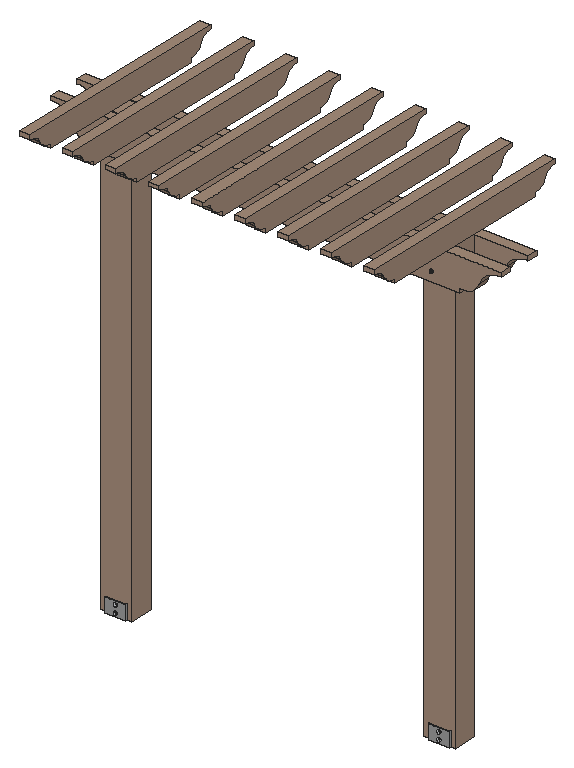
Revit family "SiteFurnishings_Pergola_Humboldt_TwoPostArbor", category Generic Models, Revit 2026
Family settings
  Can host rebar = No
  Round Connector Dimension = Use Diameter
  Part Type = Normal
  Work Plane-Based = No
  Always vertical = Yes
  Cut with Voids When Loaded = No
  Maintain Annotation Orientation = No
  Shared = No
  Room Calculation Point = No
Parameters
  Post Anchor Material = Galvanized Steel
  Pergola Material = Humboldt Redwood - Smooth Grain
  Fastener Material = Galvanized Steel
  Default Elevation = 0' - 0"
Reference planes (in)
  plane 1 "Center (Front/Back)": y = 0
  plane 2: z = 0
  plane 3 "Center (Left/Right)": x = 0
  plane 4: y = 2.75
  plane 5: y = -2.75
  plane 6: x = -42.5
  plane 7: x = 42.5
Forms (in)
  Extrusion 1, solid, material "Galvanized Steel" <- "Post Anchor Material"
    sketch origin (1.99539, -43.5, 0) x (0, -1, 0) y (0, 0, 1)
      loop
        line (-46.5, 0) -> (-40.5, 0) -> (-40.5, 3.5) -> (-40.75, 3.5) -> (-40.75, 0.25) -> (-46.25, 0.25) -> (-46.25, 3.5) -> (-46.5, 3.5) -> (-46.5, 0)
    from 38.19008 to 43.30069
  Extrusion 2, solid
    sketch origin (-85.00461, -43.5, 0) x (1, 0, 0) y (0, 0, 1)
      loop
        circle (46.25461, 2.625) r 0.375
    from -46.62635 to -46.5
  Extrusion 3, solid
    sketch origin (-85.00461, -43.5, 3.5) x (1, 0, 0) y (0, 0, 1)
      loop
        circle (46.25461, -2.625) r 0.375
    from -46.62635 to -46.5
  Extrusion 4, solid
    sketch origin (-85.00461, 43.5, 0) x (1, 0, 0) y (0, 0, -1)
      loop
        circle (46.25461, -2.625) r 0.375
    from -46.62635 to -46.5
  Extrusion 5, solid
    sketch origin (-85.00461, 43.5, 3.5) x (1, 0, 0) y (0, 0, -1)
      loop
        circle (46.25461, 2.625) r 0.375
    from -46.62635 to -46.5
  Extrusion 6, solid, material "Galvanized Steel" <- "Post Anchor Material"
    sketch origin (79.49539, -43.5, 0) x (0, -1, 0) y (0, 0, 1)
      loop
        line (-46.5, 0) -> (-40.5, 0) -> (-40.5, 3.5) -> (-40.75, 3.5) -> (-40.75, 0.25) -> (-46.25, 0.25) -> (-46.25, 3.5) -> (-46.5, 3.5) -> (-46.5, 0)
    from 38.19008 to 43.30069
  Extrusion 7, solid
    sketch origin (-7.50461, -43.5, 0) x (1, 0, 0) y (0, 0, 1)
      loop
        circle (46.25461, 2.625) r 0.375
    from -46.62635 to -46.5
  Extrusion 8, solid
    sketch origin (-7.50461, -43.5, 3.5) x (1, 0, 0) y (0, 0, 1)
      loop
        circle (46.25461, -2.625) r 0.375
    from -46.62635 to -46.5
  Extrusion 9, solid
    sketch origin (-7.50461, 43.5, 0) x (1, 0, 0) y (0, 0, -1)
      loop
        circle (46.25461, -2.625) r 0.375
    from -46.62635 to -46.5
  Extrusion 10, solid
    sketch origin (-7.50461, 43.5, 3.5) x (1, 0, 0) y (0, 0, -1)
      loop
        circle (46.25461, 2.625) r 0.375
    from -46.62635 to -46.5
  Extrusion 11, solid, material "Humboldt Redwood - Smooth Grain" <- "Pergola Material"
    sketch origin (1.5, 0, -8) x (1, 0, 0) y (0, 0, 1)
      loop
        line (-54, 116) -> (-54, 115)
        arc (-54, 115) -> (-50.82837, 114.2664) -> (-48.76314, 111.75) r 5.0507
        arc (-48.76314, 111.75) -> (-46.87422, 109.52171) -> (-44, 109) r 4.33033
        line (-44, 109) -> (-44, 108) -> (44, 108) -> (44, 109)
        arc (44, 109) -> (46.87422, 109.52171) -> (48.76314, 111.75) r 4.33033
        arc (48.76314, 111.75) -> (50.82837, 114.2664) -> (54, 115) r 5.0507
        line (54, 115) -> (54, 116) -> (-54, 116)
    from 2.75 to 5.25
  Extrusion 12, solid, material "Humboldt Redwood - Smooth Grain" <- "Pergola Material"
    sketch origin (1.5, 8, -8) x (1, 0, 0) y (0, 0, 1)
      loop
        line (-54, 116) -> (-54, 115)
        arc (-54, 115) -> (-50.82837, 114.2664) -> (-48.76314, 111.75) r 5.0507
        arc (-48.76314, 111.75) -> (-46.87422, 109.52171) -> (-44, 109) r 4.33033
        line (-44, 109) -> (-44, 108) -> (44, 108) -> (44, 109)
        arc (44, 109) -> (46.87422, 109.52171) -> (48.76314, 111.75) r 4.33033
        arc (48.76314, 111.75) -> (50.82837, 114.2664) -> (54, 115) r 5.0507
        line (54, 115) -> (54, 116) -> (-54, 116)
    from 2.75 to 5.25
  Extrusion 13, solid, material "Galvanized Steel" <- "Fastener Material"
    sketch origin (76.75, 40.75, 12.25) x (1, 0, 0) y (0, 0, 1)
      loop
        circle (-38, 93.875) r 0.375
    from 46 to 46.125
  Extrusion 14, solid, material "Galvanized Steel" <- "Fastener Material"
    sketch origin (76.75, 40.75, 12.25) x (1, 0, 0) y (0, 0, 1)
      loop
        circle (-38, 93.875) r 0.25
    from 46.125 to 46.375
  Extrusion 15, solid, material "Galvanized Steel" <- "Fastener Material"
    sketch origin (76.75, 40.75, 12.25) x (1, 0, 0) y (0, 0, 1)
      loop
        circle (-38, 93.875) r 0.125
    from 34 to 46
  Extrusion 16, solid, material "Galvanized Steel" <- "Fastener Material"
    sketch origin (76.75, 51.375, 12.25) x (1, 0, 0) y (0, 0, 1)
      loop
        circle (-38, 93.875) r 0.375
    from 46 to 46.125
  Extrusion 17, solid, material "Galvanized Steel" <- "Fastener Material"
    sketch origin (76.75, 51.75, 12.25) x (1, 0, 0) y (0, 0, 1)
      loop
        line (-38.25, 93.97855) -> (-38.25, 93.77145) -> (-38.10355, 93.625) -> (-37.89645, 93.625) -> (-37.75, 93.77145) -> (-37.75, 93.97855) -> (-37.89645, 94.125) -> (-38.10355, 94.125) -> (-38.25, 93.97855)
    from 46.125 to 46.375
  Extrusion 18, solid, material "Galvanized Steel" <- "Fastener Material"
    sketch origin (76.75, 40.75, 196.25) x (1, 0, 0) y (0, 0, 1)
      loop
        circle (-38, -93.875) r 0.375
    from 46 to 46.125
  Extrusion 19, solid, material "Galvanized Steel" <- "Fastener Material"
    sketch origin (76.75, 40.75, 196.25) x (1, 0, 0) y (0, 0, 1)
      loop
        circle (-38, -93.875) r 0.25
    from 46.125 to 46.375
  Extrusion 20, solid, material "Galvanized Steel" <- "Fastener Material"
    sketch origin (76.75, 40.75, 196.25) x (1, 0, 0) y (0, 0, 1)
      loop
        circle (-38, -93.875) r 0.125
    from 34 to 46
  Extrusion 21, solid, material "Galvanized Steel" <- "Fastener Material"
    sketch origin (76.75, 51.375, 196.25) x (1, 0, 0) y (0, 0, 1)
      loop
        circle (-38, -93.875) r 0.375
    from 46 to 46.125
  Extrusion 22, solid, material "Galvanized Steel" <- "Fastener Material"
    sketch origin (76.75, 51.75, 196.25) x (1, 0, 0) y (0, 0, 1)
      loop
        line (-38.25, -93.97855) -> (-38.10355, -94.125) -> (-37.89645, -94.125) -> (-37.75, -93.97855) -> (-37.75, -93.77145) -> (-37.89645, -93.625) -> (-38.10355, -93.625) -> (-38.25, -93.77145) -> (-38.25, -93.97855)
    from 46.125 to 46.375
  Extrusion 23, solid, material "Galvanized Steel" <- "Fastener Material"
    sketch origin (-76.75, 40.75, 12.25) x (-1, 0, 0) y (0, 0, -1)
      loop
        circle (-38, -93.875) r 0.375
    from 46 to 46.125
  Extrusion 24, solid, material "Galvanized Steel" <- "Fastener Material"
    sketch origin (-76.75, 40.75, 12.25) x (-1, 0, 0) y (0, 0, -1)
      loop
        circle (-38, -93.875) r 0.25
    from 46.125 to 46.375
  Extrusion 25, solid, material "Galvanized Steel" <- "Fastener Material"
    sketch origin (-76.75, 40.75, 12.25) x (-1, 0, 0) y (0, 0, -1)
      loop
        circle (-38, -93.875) r 0.125
    from 34 to 46
  Extrusion 26, solid, material "Galvanized Steel" <- "Fastener Material"
    sketch origin (-76.75, 51.375, 12.25) x (-1, 0, 0) y (0, 0, -1)
      loop
        circle (-38, -93.875) r 0.375
    from 46 to 46.125
  Extrusion 27, solid, material "Galvanized Steel" <- "Fastener Material"
    sketch origin (-76.75, 51.75, 12.25) x (-1, 0, 0) y (0, 0, -1)
      loop
        line (-38.25, -93.97855) -> (-38.10355, -94.125) -> (-37.89645, -94.125) -> (-37.75, -93.97855) -> (-37.75, -93.77145) -> (-37.89645, -93.625) -> (-38.10355, -93.625) -> (-38.25, -93.77145) -> (-38.25, -93.97855)
    from 46.125 to 46.375
  Extrusion 28, solid, material "Galvanized Steel" <- "Fastener Material"
    sketch origin (-76.75, 40.75, 196.25) x (-1, 0, 0) y (0, 0, -1)
      loop
        circle (-38, 93.875) r 0.375
    from 46 to 46.125
  Extrusion 29, solid, material "Galvanized Steel" <- "Fastener Material"
    sketch origin (-76.75, 40.75, 196.25) x (-1, 0, 0) y (0, 0, -1)
      loop
        circle (-38, 93.875) r 0.25
    from 46.125 to 46.375
  Extrusion 30, solid, material "Galvanized Steel" <- "Fastener Material"
    sketch origin (-76.75, 40.75, 196.25) x (-1, 0, 0) y (0, 0, -1)
      loop
        circle (-38, 93.875) r 0.125
    from 34 to 46
  Extrusion 31, solid, material "Galvanized Steel" <- "Fastener Material"
    sketch origin (-76.75, 51.375, 196.25) x (-1, 0, 0) y (0, 0, -1)
      loop
        circle (-38, 93.875) r 0.375
    from 46 to 46.125
  Extrusion 32, solid, material "Galvanized Steel" <- "Fastener Material"
    sketch origin (-76.75, 51.75, 196.25) x (-1, 0, 0) y (0, 0, -1)
      loop
        line (-38.25, 93.97855) -> (-38.25, 93.77145) -> (-38.10355, 93.625) -> (-37.89645, 93.625) -> (-37.75, 93.77145) -> (-37.75, 93.97855) -> (-37.89645, 94.125) -> (-38.10355, 94.125) -> (-38.25, 93.97855)
    from 46.125 to 46.375
  Extrusion 33, solid, material "Humboldt Redwood - Smooth Grain" <- "Pergola Material"
    sketch origin (-51.9375, 0, 0) x (0, 1, 0) y (0, 0, 1)
      loop
        line (21, 108) -> (21, 109)
        arc (21, 109) -> (22.7907, 109.39841) -> (24.03109, 110.75) r 3.05763
        arc (24.03109, 110.75) -> (25.24471, 112.08447) -> (27, 112.5) r 3.05026
        line (27, 112.5) -> (27, 113.5) -> (-27, 113.5) -> (-27, 112.5)
        arc (-27, 112.5) -> (-25.24471, 112.08447) -> (-24.03109, 110.75) r 3.05026
        arc (-24.03109, 110.75) -> (-22.7907, 109.39841) -> (-21, 109) r 3.05763
        line (-21, 109) -> (-21, 108) -> (21, 108)
    from 9.5 to 12
  Extrusion 34, solid, material "Humboldt Redwood - Smooth Grain" <- "Pergola Material"
    sketch origin (51.9375, 0, 0) x (0, 1, 0) y (0, 0, -1)
      loop
        line (21, -108) -> (-21, -108) -> (-21, -109)
        arc (-21, -109) -> (-22.7907, -109.39841) -> (-24.03109, -110.75) r 3.05763
        arc (-24.03109, -110.75) -> (-25.24471, -112.08447) -> (-27, -112.5) r 3.05026
        line (-27, -112.5) -> (-27, -113.5) -> (27, -113.5) -> (27, -112.5)
        arc (27, -112.5) -> (25.24471, -112.08447) -> (24.03109, -110.75) r 3.05026
        arc (24.03109, -110.75) -> (22.7907, -109.39841) -> (21, -109) r 3.05763
        line (21, -109) -> (21, -108)
    from 9.5 to 12
  Extrusion 35, solid, material "Humboldt Redwood - Smooth Grain" <- "Pergola Material"
    sketch origin (20.0625, 0, 0) x (0, 1, 0) y (0, 0, 1)
      loop
        line (21, 108) -> (21, 109)
        arc (21, 109) -> (22.7907, 109.39841) -> (24.03109, 110.75) r 3.05763
        arc (24.03109, 110.75) -> (25.24471, 112.08447) -> (27, 112.5) r 3.05026
        line (27, 112.5) -> (27, 113.5) -> (-27, 113.5) -> (-27, 112.5)
        arc (-27, 112.5) -> (-25.24471, 112.08447) -> (-24.03109, 110.75) r 3.05026
        arc (-24.03109, 110.75) -> (-22.7907, 109.39841) -> (-21, 109) r 3.05763
        line (-21, 109) -> (-21, 108) -> (21, 108)
    from 9.5 to 12.07813
  Extrusion 36, solid, material "Humboldt Redwood - Smooth Grain" <- "Pergola Material"
    sketch origin (31.34375, 0, 0) x (0, 1, 0) y (0, 0, -1)
      loop
        line (21, -108) -> (-21, -108) -> (-21, -109)
        arc (-21, -109) -> (-22.7907, -109.39841) -> (-24.03109, -110.75) r 3.05763
        arc (-24.03109, -110.75) -> (-25.24471, -112.08447) -> (-27, -112.5) r 3.05026
        line (-27, -112.5) -> (-27, -113.5) -> (27, -113.5) -> (27, -112.5)
        arc (27, -112.5) -> (25.24471, -112.08447) -> (24.03109, -110.75) r 3.05026
        arc (24.03109, -110.75) -> (22.7907, -109.39841) -> (21, -109) r 3.05763
        line (21, -109) -> (21, -108)
    from 9.5 to 12
  Extrusion 37, solid, material "Humboldt Redwood - Smooth Grain" <- "Pergola Material"
    sketch origin (21.04688, 0, 0) x (0, 1, 0) y (0, 0, -1)
      loop
        line (21, -108) -> (-21, -108) -> (-21, -109)
        arc (-21, -109) -> (-22.7907, -109.39841) -> (-24.03109, -110.75) r 3.05763
        arc (-24.03109, -110.75) -> (-25.24471, -112.08447) -> (-27, -112.5) r 3.05026
        line (-27, -112.5) -> (-27, -113.5) -> (27, -113.5) -> (27, -112.5)
        arc (27, -112.5) -> (25.24471, -112.08447) -> (24.03109, -110.75) r 3.05026
        arc (24.03109, -110.75) -> (22.7907, -109.39841) -> (21, -109) r 3.05763
        line (21, -109) -> (21, -108)
    from 9.5 to 12
  Extrusion 38, solid, material "Humboldt Redwood - Smooth Grain" <- "Pergola Material"
    sketch origin (0.45313, 0, 0) x (0, 1, 0) y (0, 0, -1)
      loop
        line (21, -108) -> (-21, -108) -> (-21, -109)
        arc (-21, -109) -> (-22.7907, -109.39841) -> (-24.03109, -110.75) r 3.05763
        arc (-24.03109, -110.75) -> (-25.24471, -112.08447) -> (-27, -112.5) r 3.05026
        line (-27, -112.5) -> (-27, -113.5) -> (27, -113.5) -> (27, -112.5)
        arc (27, -112.5) -> (25.24471, -112.08447) -> (24.03109, -110.75) r 3.05026
        arc (24.03109, -110.75) -> (22.7907, -109.39841) -> (21, -109) r 3.05763
        line (21, -109) -> (21, -108)
    from 9.5 to 12
  Extrusion 39, solid, material "Humboldt Redwood - Smooth Grain" <- "Pergola Material"
    sketch origin (10.75, 0, 0) x (0, 1, 0) y (0, 0, -1)
      loop
        line (21, -108) -> (-21, -108) -> (-21, -109)
        arc (-21, -109) -> (-22.7907, -109.39841) -> (-24.03109, -110.75) r 3.05763
        arc (-24.03109, -110.75) -> (-25.24471, -112.08447) -> (-27, -112.5) r 3.05026
        line (-27, -112.5) -> (-27, -113.5) -> (27, -113.5) -> (27, -112.5)
        arc (27, -112.5) -> (25.24471, -112.08447) -> (24.03109, -110.75) r 3.05026
        arc (24.03109, -110.75) -> (22.7907, -109.39841) -> (21, -109) r 3.05763
        line (21, -109) -> (21, -108)
    from 9.5 to 12
  Extrusion 40, solid, material "Humboldt Redwood - Smooth Grain" <- "Pergola Material"
    sketch origin (-9.84375, 0, 0) x (0, 1, 0) y (0, 0, -1)
      loop
        line (21, -108) -> (-21, -108) -> (-21, -109)
        arc (-21, -109) -> (-22.7907, -109.39841) -> (-24.03109, -110.75) r 3.05763
        arc (-24.03109, -110.75) -> (-25.24471, -112.08447) -> (-27, -112.5) r 3.05026
        line (-27, -112.5) -> (-27, -113.5) -> (27, -113.5) -> (27, -112.5)
        arc (27, -112.5) -> (25.24471, -112.08447) -> (24.03109, -110.75) r 3.05026
        arc (24.03109, -110.75) -> (22.7907, -109.39841) -> (21, -109) r 3.05763
        line (21, -109) -> (21, -108)
    from 9.5 to 12
  Extrusion 41, solid, material "Humboldt Redwood - Smooth Grain" <- "Pergola Material"
    sketch origin (-20.14062, 0, 0) x (0, 1, 0) y (0, 0, -1)
      loop
        line (21, -108) -> (-21, -108) -> (-21, -109)
        arc (-21, -109) -> (-22.7907, -109.39841) -> (-24.03109, -110.75) r 3.05763
        arc (-24.03109, -110.75) -> (-25.24471, -112.08447) -> (-27, -112.5) r 3.05026
        line (-27, -112.5) -> (-27, -113.5) -> (27, -113.5) -> (27, -112.5)
        arc (27, -112.5) -> (25.24471, -112.08447) -> (24.03109, -110.75) r 3.05026
        arc (24.03109, -110.75) -> (22.7907, -109.39841) -> (21, -109) r 3.05763
        line (21, -109) -> (21, -108)
    from 9.5 to 12
Dimensions and locks (in)
  aligned and locked: plane 2 to level
  aligned and locked: Extrusion 13 to Extrusion 14
  aligned and locked: Extrusion 17 to Extrusion 16
  aligned and locked: Extrusion 18 to Extrusion 19
  aligned and locked: Extrusion 22 to Extrusion 21
  aligned and locked: Extrusion 24 to Extrusion 23
  aligned and locked: Extrusion 26 to Extrusion 27
  aligned and locked: Extrusion 29 to Extrusion 28
  aligned and locked: Extrusion 31 to Extrusion 32
Nested families (in)
  nested 1: "StructuralTimbers-Columns_Humboldt" at (-38.75, 0, 0) x (0, -1, 0) z (0, 0, 1), Structural Material <- "Pergola Material", type "6" x 8" - Smooth Grain"
    with built-in parameter 1005500 Humboldt Redwood - Smooth Grain, Height 0' - 0"
  nested 2: "StructuralTimbers-Columns_Humboldt" at (38.75, 0, 0) x (0, -1, 0) z (0, 0, 1), Structural Material <- "Pergola Material", type "6" x 8" - Smooth Grain"
    with built-in parameter 1005500 Humboldt Redwood - Smooth Grain, Height 0' - 0"
Definition of nested family "StructuralTimbers-Columns_Humboldt"
  Parameters
    d = 0' - 7 1/2"
    b = 0' - 5 1/2"
    URL = "http://www.arcat.com/arcatcos/cos49/arc49314.html"
    Type Comments = "-"
    Test Data = "http://www.arcat.com/catalogs/humboldt/span-chart/index.html?coid=49314"
    Tension (Ft) = "400"
    Structural Material [instance] = none
    Specification = "http://www.arcat.com/sd/clients/humboldt.html?coid=49314"
    Shear (Fv) = "145"
    Sales Information = "http://www.getredwood.com/contact-us/"
    Revision = "R1_04-2017"
    Product Data = "-"
    Modulus of Elasticity (MOE) = "0.9"
    Model = "Humboldt-Redwood-Beams"
    Manufacturer Website = "http://www.getredwood.com/"
    Manufacturer Phone - Toll Free = "-"
    Manufacturer Phone = "(707) 764-4472"
    Manufacturer Fax = "(707) 764-4444 � Fax"
    Manufacturer Address = "125 Main Street P.O. Box 565 Scotia, CA 95565"
    Manufacturer = "Humboldt Redwood"
    Lumber Grade = "No. 2 Open Grain (OG)No. 2 Open Grain (OG)"
    Keynote = "06 13 00"
    Installation-Fabrication = ""
    Height [instance] = 0' - 0"
    Green Building-LEED = "http://www.arcat.com/green/clients/cos49/leed_product_credits_49314_172508.html"
    Drawn By = "Sumex Design, Inc. / Robert S. Weygant, CSI, CDT, SCIP"
    Description = "Humboldt-Redwood-Beams"
    Copyright = "2016 ARCAT, Inc."
    Construction Details = ""
    Compression (Perpendicular) = "420"
    Compression (Parallel) = "650"
    Category = ""
    Building Codes = "-"
    Bending (Fb) = "750"
    Assembly Code = "B1010340"
  Reference planes (in)
    plane 1 "Center (Front/Back)": y = 0
    plane 2: z = 0
    plane 3 "Center (Left/Right)": x = 0
    plane 4 "Left": x = -2.75
    plane 5 "Right": x = 2.75
    plane 6 "Back": y = 3.75
    plane 7 "Front": y = -3.75
  Forms (in)
    Extrusion 1, solid, material <- "Structural Material"
      sketch origin (0, 0, 0) x (1, 0, 0) y (0, 1, 0)
        loop
          line (-2.75, 3.75) -> (-2.75, -3.75) -> (2.75, -3.75) -> (2.75, 3.75) -> (-2.75, 3.75)
      from 0 to 108
  Lines and regions (in)
    symbolic lines
      curve 1: line (-2.75, 3.75, 0) -> (2.75, 3.75, 0)
      curve 2: line (-2.75, -3.75, 0) -> (-2.75, 3.75, 0)
      curve 3: line (2.75, -3.75, 0) -> (-2.75, -3.75, 0)
      curve 4: line (2.75, 3.75, 0) -> (2.75, -3.75, 0)
      curve 5: line (-2.75, 3.75, 0) -> (2.75, -3.75, 0)
      curve 6: line (2.75, 3.75, 0) -> (-2.75, -3.75, 0)
  Dimensions and locks (in)
    equal spacing: plane 4 "Left", plane 3 "Center (Left/Right)", plane 5 "Right"
    equal spacing: plane 7 "Front", plane 1 "Center (Front/Back)", plane 6 "Back"
    "d": plane 7 "Front" to plane 6 "Back"
    "b": plane 4 "Left" to plane 5 "Right"
    aligned and locked: level to plane 2
    aligned and locked: plane 6 "Back" to Extrusion 1 sketch curve
    aligned and locked: Extrusion 1 sketch curve to plane 4 "Left"
    aligned and locked: Extrusion 1 sketch curve to plane 7 "Front"
    aligned and locked: plane 5 "Right" to Extrusion 1 sketch curve
    aligned and locked: level to Extrusion 1
    aligned and locked: Extrusion 1 to level
    aligned and locked: plane 6 "Back" to curve 1
    aligned and locked: curve 2 to plane 4 "Left"
    aligned and locked: curve 3 to plane 7 "Front"
    aligned and locked: plane 5 "Right" to curve 4
